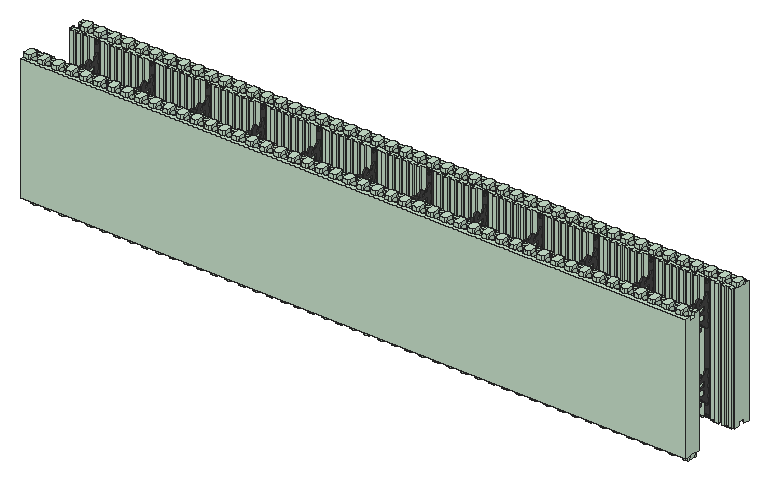
Revit family (continued)
Forms (in)
  Extrusion 100, void
    sketch origin (6, 0, 0) x (-1, 0, 0) y (0, -1, 0)
      loop
        arc (1.67323, 3.70172) -> (1.72385, 3.68771) -> (1.74592, 3.64005) r 0.0625
        line (1.74592, 3.64005) -> (1.74592, 3.41845) -> (1.91675, 3.41845) -> (1.91675, 3.76455)
        arc (1.91675, 3.76455) -> (1.92106, 3.78736) -> (1.9334, 3.80702) r 0.0625
        arc (1.9334, 3.80702) -> (1.98276, 3.88568) -> (2, 3.97692) r 0.25
        line (2, 3.97692) -> (2, 4.89808)
        arc (2, 4.89808) -> (1.95215, 5.04517) -> (1.82692, 5.13595) r 0.25
        arc (1.82692, 5.13595) -> (1.5, 5.1875) -> (1.17308, 5.13595) r 1.0625
        arc (1.17308, 5.13595) -> (1.04785, 5.04517) -> (1, 4.89808) r 0.25
    from 0 to 0.5
  Extrusion 101, void
    sketch origin (8, 0, 0) x (-1, 0, 0) y (0, -1, 0)
      loop
        line (1, 4.89808) -> (1, 3.97692)
        arc (1, 3.97692) -> (1.04785, 3.82983) -> (1.17308, 3.73905) r 0.25
        arc (1.17308, 3.73905) -> (1.42092, 3.69045) -> (1.67323, 3.70172) r 1.0625
        arc (1.67323, 3.70172) -> (1.72385, 3.68771) -> (1.74592, 3.64005) r 0.0625
        line (1.74592, 3.64005) -> (1.74592, 3.41845) -> (1.91675, 3.41845) -> (1.91675, 3.76455)
        arc (1.91675, 3.76455) -> (1.92106, 3.78736) -> (1.9334, 3.80702) r 0.0625
        arc (1.9334, 3.80702) -> (1.98276, 3.88568) -> (2, 3.97692) r 0.25
        line (2, 3.97692) -> (2, 4.89808)
        arc (2, 4.89808) -> (1.95215, 5.04517) -> (1.82692, 5.13595) r 0.25
        arc (1.82692, 5.13595) -> (1.5, 5.1875) -> (1.17308, 5.13595) r 1.0625
        arc (1.17308, 5.13595) -> (1.04785, 5.04517) -> (1, 4.89808) r 0.25
    from 0 to 0.5
  Extrusion 102, void
    sketch origin (10, 0, 0) x (-1, 0, 0) y (0, -1, 0)
      loop
        line (1, 4.89808) -> (1, 3.97692)
        arc (1, 3.97692) -> (1.04785, 3.82983) -> (1.17308, 3.73905) r 0.25
        arc (1.17308, 3.73905) -> (1.42092, 3.69045) -> (1.67323, 3.70172) r 1.0625
        arc (1.67323, 3.70172) -> (1.72385, 3.68771) -> (1.74592, 3.64005) r 0.0625
        line (1.74592, 3.64005) -> (1.74592, 3.41845) -> (1.91675, 3.41845) -> (1.91675, 3.76455)
        arc (1.91675, 3.76455) -> (1.92106, 3.78736) -> (1.9334, 3.80702) r 0.0625
        arc (1.9334, 3.80702) -> (1.98276, 3.88568) -> (2, 3.97692) r 0.25
        line (2, 3.97692) -> (2, 4.89808)
        arc (2, 4.89808) -> (1.95215, 5.04517) -> (1.82692, 5.13595) r 0.25
        arc (1.82692, 5.13595) -> (1.5, 5.1875) -> (1.17308, 5.13595) r 1.0625
        arc (1.17308, 5.13595) -> (1.04785, 5.04517) -> (1, 4.89808) r 0.25
    from 0 to 0.5
  Extrusion 103, void
    sketch origin (12, 0, 0) x (-1, 0, 0) y (0, -1, 0)
      loop
        line (1, 4.89808) -> (1, 3.97692)
        arc (1, 3.97692) -> (1.04785, 3.82983) -> (1.17308, 3.73905) r 0.25
        arc (1.17308, 3.73905) -> (1.42092, 3.69045) -> (1.67323, 3.70172) r 1.0625
        arc (1.67323, 3.70172) -> (1.72385, 3.68771) -> (1.74592, 3.64005) r 0.0625
        line (1.74592, 3.64005) -> (1.74592, 3.41845) -> (1.91675, 3.41845) -> (1.91675, 3.76455)
        arc (1.91675, 3.76455) -> (1.92106, 3.78736) -> (1.9334, 3.80702) r 0.0625
        arc (1.9334, 3.80702) -> (1.98276, 3.88568) -> (2, 3.97692) r 0.25
        line (2, 3.97692) -> (2, 4.89808)
        arc (2, 4.89808) -> (1.95215, 5.04517) -> (1.82692, 5.13595) r 0.25
        arc (1.82692, 5.13595) -> (1.5, 5.1875) -> (1.17308, 5.13595) r 1.0625
        arc (1.17308, 5.13595) -> (1.04785, 5.04517) -> (1, 4.89808) r 0.25
    from 0 to 0.5
  Extrusion 104, void
    sketch origin (14, 0, 0) x (-1, 0, 0) y (0, -1, 0)
      loop
        line (1, 4.89808) -> (1, 3.97692)
        arc (1, 3.97692) -> (1.04785, 3.82983) -> (1.17308, 3.73905) r 0.25
        arc (1.17308, 3.73905) -> (1.42092, 3.69045) -> (1.67323, 3.70172) r 1.0625
        arc (1.67323, 3.70172) -> (1.72385, 3.68771) -> (1.74592, 3.64005) r 0.0625
        line (1.74592, 3.64005) -> (1.74592, 3.41845) -> (1.91675, 3.41845) -> (1.91675, 3.76455)
        arc (1.91675, 3.76455) -> (1.92106, 3.78736) -> (1.9334, 3.80702) r 0.0625
        arc (1.9334, 3.80702) -> (1.98276, 3.88568) -> (2, 3.97692) r 0.25
        line (2, 3.97692) -> (2, 4.89808)
        arc (2, 4.89808) -> (1.95215, 5.04517) -> (1.82692, 5.13595) r 0.25
        arc (1.82692, 5.13595) -> (1.5, 5.1875) -> (1.17308, 5.13595) r 1.0625
        arc (1.17308, 5.13595) -> (1.04785, 5.04517) -> (1, 4.89808) r 0.25
    from 0 to 0.5
  Extrusion 105, void
    sketch origin (16, 0, 0) x (-1, 0, 0) y (0, -1, 0)
      loop
        line (1, 4.89808) -> (1, 3.97692)
        arc (1, 3.97692) -> (1.04785, 3.82983) -> (1.17308, 3.73905) r 0.25
        arc (1.17308, 3.73905) -> (1.42092, 3.69045) -> (1.67323, 3.70172) r 1.0625
        arc (1.67323, 3.70172) -> (1.72385, 3.68771) -> (1.74592, 3.64005) r 0.0625
        line (1.74592, 3.64005) -> (1.74592, 3.41845) -> (1.91675, 3.41845) -> (1.91675, 3.76455)
        arc (1.91675, 3.76455) -> (1.92106, 3.78736) -> (1.9334, 3.80702) r 0.0625
        arc (1.9334, 3.80702) -> (1.98276, 3.88568) -> (2, 3.97692) r 0.25
        line (2, 3.97692) -> (2, 4.89808)
        arc (2, 4.89808) -> (1.95215, 5.04517) -> (1.82692, 5.13595) r 0.25
        arc (1.82692, 5.13595) -> (1.5, 5.1875) -> (1.17308, 5.13595) r 1.0625
        arc (1.17308, 5.13595) -> (1.04785, 5.04517) -> (1, 4.89808) r 0.25
    from 0 to 0.5
  Extrusion 106, void
    sketch origin (18, 0, 0) x (-1, 0, 0) y (0, -1, 0)
      loop
        line (1, 4.89808) -> (1, 3.97692)
        arc (1, 3.97692) -> (1.04785, 3.82983) -> (1.17308, 3.73905) r 0.25
        arc (1.17308, 3.73905) -> (1.42092, 3.69045) -> (1.67323, 3.70172) r 1.0625
        arc (1.67323, 3.70172) -> (1.72385, 3.68771) -> (1.74592, 3.64005) r 0.0625
        line (1.74592, 3.64005) -> (1.74592, 3.41845) -> (1.91675, 3.41845) -> (1.91675, 3.76455)
        arc (1.91675, 3.76455) -> (1.92106, 3.78736) -> (1.9334, 3.80702) r 0.0625
        arc (1.9334, 3.80702) -> (1.98276, 3.88568) -> (2, 3.97692) r 0.25
        line (2, 3.97692) -> (2, 4.89808)
        arc (2, 4.89808) -> (1.95215, 5.04517) -> (1.82692, 5.13595) r 0.25
        arc (1.82692, 5.13595) -> (1.5, 5.1875) -> (1.17308, 5.13595) r 1.0625
        arc (1.17308, 5.13595) -> (1.04785, 5.04517) -> (1, 4.89808) r 0.25
    from 0 to 0.5
  Extrusion 107, void
    sketch origin (20, 0, 0) x (-1, 0, 0) y (0, -1, 0)
      loop
        line (1, 4.89808) -> (1, 3.97692)
        arc (1, 3.97692) -> (1.04785, 3.82983) -> (1.17308, 3.73905) r 0.25
        arc (1.17308, 3.73905) -> (1.42092, 3.69045) -> (1.67323, 3.70172) r 1.0625
        arc (1.67323, 3.70172) -> (1.72385, 3.68771) -> (1.74592, 3.64005) r 0.0625
        line (1.74592, 3.64005) -> (1.74592, 3.41845) -> (1.91675, 3.41845) -> (1.91675, 3.76455)
        arc (1.91675, 3.76455) -> (1.92106, 3.78736) -> (1.9334, 3.80702) r 0.0625
        arc (1.9334, 3.80702) -> (1.98276, 3.88568) -> (2, 3.97692) r 0.25
        line (2, 3.97692) -> (2, 4.89808)
        arc (2, 4.89808) -> (1.95215, 5.04517) -> (1.82692, 5.13595) r 0.25
        arc (1.82692, 5.13595) -> (1.5, 5.1875) -> (1.17308, 5.13595) r 1.0625
        arc (1.17308, 5.13595) -> (1.04785, 5.04517) -> (1, 4.89808) r 0.25
    from 0 to 0.5
  Extrusion 108, void
    sketch origin (22, 0, 0) x (-1, 0, 0) y (0, -1, 0)
      loop
        line (1, 4.89808) -> (1, 3.97692)
        arc (1, 3.97692) -> (1.04785, 3.82983) -> (1.17308, 3.73905) r 0.25
        arc (1.17308, 3.73905) -> (1.42092, 3.69045) -> (1.67323, 3.70172) r 1.0625
        arc (1.67323, 3.70172) -> (1.72385, 3.68771) -> (1.74592, 3.64005) r 0.0625
        line (1.74592, 3.64005) -> (1.74592, 3.41845) -> (1.91675, 3.41845) -> (1.91675, 3.76455)
        arc (1.91675, 3.76455) -> (1.92106, 3.78736) -> (1.9334, 3.80702) r 0.0625
        arc (1.9334, 3.80702) -> (1.98276, 3.88568) -> (2, 3.97692) r 0.25
        line (2, 3.97692) -> (2, 4.89808)
        arc (2, 4.89808) -> (1.95215, 5.04517) -> (1.82692, 5.13595) r 0.25
        arc (1.82692, 5.13595) -> (1.5, 5.1875) -> (1.17308, 5.13595) r 1.0625
        arc (1.17308, 5.13595) -> (1.04785, 5.04517) -> (1, 4.89808) r 0.25
    from 0 to 0.5
  Extrusion 109, void
    sketch origin (24, 0, 0) x (-1, 0, 0) y (0, -1, 0)
      loop
        line (1, 4.89808) -> (1, 3.97692)
        arc (1, 3.97692) -> (1.04785, 3.82983) -> (1.17308, 3.73905) r 0.25
        arc (1.17308, 3.73905) -> (1.42092, 3.69045) -> (1.67323, 3.70172) r 1.0625
        arc (1.67323, 3.70172) -> (1.72385, 3.68771) -> (1.74592, 3.64005) r 0.0625
        line (1.74592, 3.64005) -> (1.74592, 3.41845) -> (1.91675, 3.41845) -> (1.91675, 3.76455)
        arc (1.91675, 3.76455) -> (1.92106, 3.78736) -> (1.9334, 3.80702) r 0.0625
        arc (1.9334, 3.80702) -> (1.98276, 3.88568) -> (2, 3.97692) r 0.25
        line (2, 3.97692) -> (2, 4.89808)
        arc (2, 4.89808) -> (1.95215, 5.04517) -> (1.82692, 5.13595) r 0.25
        arc (1.82692, 5.13595) -> (1.5, 5.1875) -> (1.17308, 5.13595) r 1.0625
        arc (1.17308, 5.13595) -> (1.04785, 5.04517) -> (1, 4.89808) r 0.25
    from 0 to 0.5
  Extrusion 110, void
    sketch origin (26, 0, 0) x (-1, 0, 0) y (0, -1, 0)
      loop
        line (1, 4.89808) -> (1, 3.97692)
        arc (1, 3.97692) -> (1.04785, 3.82983) -> (1.17308, 3.73905) r 0.25
        arc (1.17308, 3.73905) -> (1.42092, 3.69045) -> (1.67323, 3.70172) r 1.0625
        arc (1.67323, 3.70172) -> (1.72385, 3.68771) -> (1.74592, 3.64005) r 0.0625
        line (1.74592, 3.64005) -> (1.74592, 3.41845) -> (1.91675, 3.41845) -> (1.91675, 3.76455)
        arc (1.91675, 3.76455) -> (1.92106, 3.78736) -> (1.9334, 3.80702) r 0.0625
        arc (1.9334, 3.80702) -> (1.98276, 3.88568) -> (2, 3.97692) r 0.25
        line (2, 3.97692) -> (2, 4.89808)
        arc (2, 4.89808) -> (1.95215, 5.04517) -> (1.82692, 5.13595) r 0.25
        arc (1.82692, 5.13595) -> (1.5, 5.1875) -> (1.17308, 5.13595) r 1.0625
        arc (1.17308, 5.13595) -> (1.04785, 5.04517) -> (1, 4.89808) r 0.25
    from 0 to 0.5
  Extrusion 111, void
    sketch origin (28, 0, 0) x (-1, 0, 0) y (0, -1, 0)
      loop
        line (1, 4.89808) -> (1, 3.97692)
        arc (1, 3.97692) -> (1.04785, 3.82983) -> (1.17308, 3.73905) r 0.25
        arc (1.17308, 3.73905) -> (1.42092, 3.69045) -> (1.67323, 3.70172) r 1.0625
        arc (1.67323, 3.70172) -> (1.72385, 3.68771) -> (1.74592, 3.64005) r 0.0625
        line (1.74592, 3.64005) -> (1.74592, 3.41845) -> (1.91675, 3.41845) -> (1.91675, 3.76455)
        arc (1.91675, 3.76455) -> (1.92106, 3.78736) -> (1.9334, 3.80702) r 0.0625
        arc (1.9334, 3.80702) -> (1.98276, 3.88568) -> (2, 3.97692) r 0.25
        line (2, 3.97692) -> (2, 4.89808)
        arc (2, 4.89808) -> (1.95215, 5.04517) -> (1.82692, 5.13595) r 0.25
        arc (1.82692, 5.13595) -> (1.5, 5.1875) -> (1.17308, 5.13595) r 1.0625
        arc (1.17308, 5.13595) -> (1.04785, 5.04517) -> (1, 4.89808) r 0.25
    from 0 to 0.5
  Extrusion 112, void
    sketch origin (30, 0, 0) x (-1, 0, 0) y (0, -1, 0)
      loop
        line (1, 4.89808) -> (1, 3.97692)
        arc (1, 3.97692) -> (1.04785, 3.82983) -> (1.17308, 3.73905) r 0.25
        arc (1.17308, 3.73905) -> (1.42092, 3.69045) -> (1.67323, 3.70172) r 1.0625
        arc (1.67323, 3.70172) -> (1.72385, 3.68771) -> (1.74592, 3.64005) r 0.0625
        line (1.74592, 3.64005) -> (1.74592, 3.41845) -> (1.91675, 3.41845) -> (1.91675, 3.76455)
        arc (1.91675, 3.76455) -> (1.92106, 3.78736) -> (1.9334, 3.80702) r 0.0625
        arc (1.9334, 3.80702) -> (1.98276, 3.88568) -> (2, 3.97692) r 0.25
        line (2, 3.97692) -> (2, 4.89808)
        arc (2, 4.89808) -> (1.95215, 5.04517) -> (1.82692, 5.13595) r 0.25
        arc (1.82692, 5.13595) -> (1.5, 5.1875) -> (1.17308, 5.13595) r 1.0625
        arc (1.17308, 5.13595) -> (1.04785, 5.04517) -> (1, 4.89808) r 0.25
    from 0 to 0.5
  Extrusion 113, void
    sketch origin (32, 0, 0) x (-1, 0, 0) y (0, -1, 0)
      loop
        line (1, 4.89808) -> (1, 3.97692)
        arc (1, 3.97692) -> (1.04785, 3.82983) -> (1.17308, 3.73905) r 0.25
        arc (1.17308, 3.73905) -> (1.42092, 3.69045) -> (1.67323, 3.70172) r 1.0625
        arc (1.67323, 3.70172) -> (1.72385, 3.68771) -> (1.74592, 3.64005) r 0.0625
        line (1.74592, 3.64005) -> (1.74592, 3.41845) -> (1.91675, 3.41845) -> (1.91675, 3.76455)
        arc (1.91675, 3.76455) -> (1.92106, 3.78736) -> (1.9334, 3.80702) r 0.0625
        arc (1.9334, 3.80702) -> (1.98276, 3.88568) -> (2, 3.97692) r 0.25
        line (2, 3.97692) -> (2, 4.89808)
        arc (2, 4.89808) -> (1.95215, 5.04517) -> (1.82692, 5.13595) r 0.25
        arc (1.82692, 5.13595) -> (1.5, 5.1875) -> (1.17308, 5.13595) r 1.0625
        arc (1.17308, 5.13595) -> (1.04785, 5.04517) -> (1, 4.89808) r 0.25
    from 0 to 0.5
  Extrusion 114, void
    sketch origin (34, 0, 0) x (-1, 0, 0) y (0, -1, 0)
      loop
        line (1, 4.89808) -> (1, 3.97692)
        arc (1, 3.97692) -> (1.04785, 3.82983) -> (1.17308, 3.73905) r 0.25
        arc (1.17308, 3.73905) -> (1.42092, 3.69045) -> (1.67323, 3.70172) r 1.0625
        arc (1.67323, 3.70172) -> (1.72385, 3.68771) -> (1.74592, 3.64005) r 0.0625
        line (1.74592, 3.64005) -> (1.74592, 3.41845) -> (1.91675, 3.41845) -> (1.91675, 3.76455)
        arc (1.91675, 3.76455) -> (1.92106, 3.78736) -> (1.9334, 3.80702) r 0.0625
        arc (1.9334, 3.80702) -> (1.98276, 3.88568) -> (2, 3.97692) r 0.25
        line (2, 3.97692) -> (2, 4.89808)
        arc (2, 4.89808) -> (1.95215, 5.04517) -> (1.82692, 5.13595) r 0.25
        arc (1.82692, 5.13595) -> (1.5, 5.1875) -> (1.17308, 5.13595) r 1.0625
        arc (1.17308, 5.13595) -> (1.04785, 5.04517) -> (1, 4.89808) r 0.25
    from 0 to 0.5
  Extrusion 115, void
    sketch origin (36, 0, 0) x (-1, 0, 0) y (0, -1, 0)
      loop
        line (1, 4.89808) -> (1, 3.97692)
        arc (1, 3.97692) -> (1.04785, 3.82983) -> (1.17308, 3.73905) r 0.25
        arc (1.17308, 3.73905) -> (1.42092, 3.69045) -> (1.67323, 3.70172) r 1.0625
        arc (1.67323, 3.70172) -> (1.72385, 3.68771) -> (1.74592, 3.64005) r 0.0625
        line (1.74592, 3.64005) -> (1.74592, 3.41845) -> (1.91675, 3.41845) -> (1.91675, 3.76455)
        arc (1.91675, 3.76455) -> (1.92106, 3.78736) -> (1.9334, 3.80702) r 0.0625
        arc (1.9334, 3.80702) -> (1.98276, 3.88568) -> (2, 3.97692) r 0.25
        line (2, 3.97692) -> (2, 4.89808)
        arc (2, 4.89808) -> (1.95215, 5.04517) -> (1.82692, 5.13595) r 0.25
        arc (1.82692, 5.13595) -> (1.5, 5.1875) -> (1.17308, 5.13595) r 1.0625
        arc (1.17308, 5.13595) -> (1.04785, 5.04517) -> (1, 4.89808) r 0.25
    from 0 to 0.5
  Extrusion 116, void
    sketch origin (38, 0, 0) x (-1, 0, 0) y (0, -1, 0)
      loop
        line (1, 4.89808) -> (1, 3.97692)
        arc (1, 3.97692) -> (1.04785, 3.82983) -> (1.17308, 3.73905) r 0.25
        arc (1.17308, 3.73905) -> (1.42092, 3.69045) -> (1.67323, 3.70172) r 1.0625
        arc (1.67323, 3.70172) -> (1.72385, 3.68771) -> (1.74592, 3.64005) r 0.0625
        line (1.74592, 3.64005) -> (1.74592, 3.41845) -> (1.91675, 3.41845) -> (1.91675, 3.76455)
        arc (1.91675, 3.76455) -> (1.92106, 3.78736) -> (1.9334, 3.80702) r 0.0625
        arc (1.9334, 3.80702) -> (1.98276, 3.88568) -> (2, 3.97692) r 0.25
        line (2, 3.97692) -> (2, 4.89808)
        arc (2, 4.89808) -> (1.95215, 5.04517) -> (1.82692, 5.13595) r 0.25
        arc (1.82692, 5.13595) -> (1.5, 5.1875) -> (1.17308, 5.13595) r 1.0625
        arc (1.17308, 5.13595) -> (1.04785, 5.04517) -> (1, 4.89808) r 0.25
    from 0 to 0.5
  Extrusion 117, void
    sketch origin (40, 0, 0) x (-1, 0, 0) y (0, -1, 0)
      loop
        line (1, 4.89808) -> (1, 3.97692)
        arc (1, 3.97692) -> (1.04785, 3.82983) -> (1.17308, 3.73905) r 0.25
        arc (1.17308, 3.73905) -> (1.42092, 3.69045) -> (1.67323, 3.70172) r 1.0625
        arc (1.67323, 3.70172) -> (1.72385, 3.68771) -> (1.74592, 3.64005) r 0.0625
        line (1.74592, 3.64005) -> (1.74592, 3.41845) -> (1.91675, 3.41845) -> (1.91675, 3.76455)
        arc (1.91675, 3.76455) -> (1.92106, 3.78736) -> (1.9334, 3.80702) r 0.0625
        arc (1.9334, 3.80702) -> (1.98276, 3.88568) -> (2, 3.97692) r 0.25
        line (2, 3.97692) -> (2, 4.89808)
        arc (2, 4.89808) -> (1.95215, 5.04517) -> (1.82692, 5.13595) r 0.25
        arc (1.82692, 5.13595) -> (1.5, 5.1875) -> (1.17308, 5.13595) r 1.0625
        arc (1.17308, 5.13595) -> (1.04785, 5.04517) -> (1, 4.89808) r 0.25
    from 0 to 0.5
  Extrusion 118, void
    sketch origin (42, 0, 0) x (-1, 0, 0) y (0, -1, 0)
      loop
        line (1, 4.89808) -> (1, 3.97692)
        arc (1, 3.97692) -> (1.04785, 3.82983) -> (1.17308, 3.73905) r 0.25
        arc (1.17308, 3.73905) -> (1.42092, 3.69045) -> (1.67323, 3.70172) r 1.0625
        arc (1.67323, 3.70172) -> (1.72385, 3.68771) -> (1.74592, 3.64005) r 0.0625
        line (1.74592, 3.64005) -> (1.74592, 3.41845) -> (1.91675, 3.41845) -> (1.91675, 3.76455)
        arc (1.91675, 3.76455) -> (1.92106, 3.78736) -> (1.9334, 3.80702) r 0.0625
        arc (1.9334, 3.80702) -> (1.98276, 3.88568) -> (2, 3.97692) r 0.25
        line (2, 3.97692) -> (2, 4.89808)
        arc (2, 4.89808) -> (1.95215, 5.04517) -> (1.82692, 5.13595) r 0.25
        arc (1.82692, 5.13595) -> (1.5, 5.1875) -> (1.17308, 5.13595) r 1.0625
        arc (1.17308, 5.13595) -> (1.04785, 5.04517) -> (1, 4.89808) r 0.25
    from 0 to 0.5
  Extrusion 119, void
    sketch origin (44, 0, 0) x (-1, 0, 0) y (0, -1, 0)
      loop
        line (1, 4.89808) -> (1, 3.97692)
        arc (1, 3.97692) -> (1.04785, 3.82983) -> (1.17308, 3.73905) r 0.25
        arc (1.17308, 3.73905) -> (1.42092, 3.69045) -> (1.67323, 3.70172) r 1.0625
        arc (1.67323, 3.70172) -> (1.72385, 3.68771) -> (1.74592, 3.64005) r 0.0625
        line (1.74592, 3.64005) -> (1.74592, 3.41845) -> (1.91675, 3.41845) -> (1.91675, 3.76455)
        arc (1.91675, 3.76455) -> (1.92106, 3.78736) -> (1.9334, 3.80702) r 0.0625
        arc (1.9334, 3.80702) -> (1.98276, 3.88568) -> (2, 3.97692) r 0.25
        line (2, 3.97692) -> (2, 4.89808)
        arc (2, 4.89808) -> (1.95215, 5.04517) -> (1.82692, 5.13595) r 0.25
        arc (1.82692, 5.13595) -> (1.5, 5.1875) -> (1.17308, 5.13595) r 1.0625
        arc (1.17308, 5.13595) -> (1.04785, 5.04517) -> (1, 4.89808) r 0.25
    from 0 to 0.5
  Extrusion 120, void
    sketch origin (46, 0, 0) x (-1, 0, 0) y (0, -1, 0)
      loop
        line (1, 4.89808) -> (1, 3.97692)
        arc (1, 3.97692) -> (1.04785, 3.82983) -> (1.17308, 3.73905) r 0.25
        arc (1.17308, 3.73905) -> (1.42092, 3.69045) -> (1.67323, 3.70172) r 1.0625
        arc (1.67323, 3.70172) -> (1.72385, 3.68771) -> (1.74592, 3.64005) r 0.0625
        line (1.74592, 3.64005) -> (1.74592, 3.41845) -> (1.91675, 3.41845) -> (1.91675, 3.76455)
        arc (1.91675, 3.76455) -> (1.92106, 3.78736) -> (1.9334, 3.80702) r 0.0625
        arc (1.9334, 3.80702) -> (1.98276, 3.88568) -> (2, 3.97692) r 0.25
        line (2, 3.97692) -> (2, 4.89808)
        arc (2, 4.89808) -> (1.95215, 5.04517) -> (1.82692, 5.13595) r 0.25
        arc (1.82692, 5.13595) -> (1.5, 5.1875) -> (1.17308, 5.13595) r 1.0625
        arc (1.17308, 5.13595) -> (1.04785, 5.04517) -> (1, 4.89808) r 0.25
    from 0 to 0.5
  Extrusion 121, void
    sketch origin (48, 0, 0) x (-1, 0, 0) y (0, -1, 0)
      loop
        line (1, 4.89808) -> (1, 3.97692)
        arc (1, 3.97692) -> (1.04785, 3.82983) -> (1.17308, 3.73905) r 0.25
        arc (1.17308, 3.73905) -> (1.42092, 3.69045) -> (1.67323, 3.70172) r 1.0625
        arc (1.67323, 3.70172) -> (1.72385, 3.68771) -> (1.74592, 3.64005) r 0.0625
        line (1.74592, 3.64005) -> (1.74592, 3.41845) -> (1.91675, 3.41845) -> (1.91675, 3.76455)
        arc (1.91675, 3.76455) -> (1.92106, 3.78736) -> (1.9334, 3.80702) r 0.0625
        arc (1.9334, 3.80702) -> (1.98276, 3.88568) -> (2, 3.97692) r 0.25
        line (2, 3.97692) -> (2, 4.89808)
        arc (2, 4.89808) -> (1.95215, 5.04517) -> (1.82692, 5.13595) r 0.25
        arc (1.82692, 5.13595) -> (1.5, 5.1875) -> (1.17308, 5.13595) r 1.0625
        arc (1.17308, 5.13595) -> (1.04785, 5.04517) -> (1, 4.89808) r 0.25
    from 0 to 0.5
  Extrusion 122, void
    sketch origin (50, 0, 0) x (-1, 0, 0) y (0, -1, 0)
      loop
        line (1, 4.89808) -> (1, 3.97692)
        arc (1, 3.97692) -> (1.04785, 3.82983) -> (1.17308, 3.73905) r 0.25
        arc (1.17308, 3.73905) -> (1.42092, 3.69045) -> (1.67323, 3.70172) r 1.0625
        arc (1.67323, 3.70172) -> (1.72385, 3.68771) -> (1.74592, 3.64005) r 0.0625
        line (1.74592, 3.64005) -> (1.74592, 3.41845) -> (1.91675, 3.41845) -> (1.91675, 3.76455)
        arc (1.91675, 3.76455) -> (1.92106, 3.78736) -> (1.9334, 3.80702) r 0.0625
        arc (1.9334, 3.80702) -> (1.98276, 3.88568) -> (2, 3.97692) r 0.25
        line (2, 3.97692) -> (2, 4.89808)
        arc (2, 4.89808) -> (1.95215, 5.04517) -> (1.82692, 5.13595) r 0.25
        arc (1.82692, 5.13595) -> (1.5, 5.1875) -> (1.17308, 5.13595) r 1.0625
        arc (1.17308, 5.13595) -> (1.04785, 5.04517) -> (1, 4.89808) r 0.25
    from 0 to 0.5
  Extrusion 123, void
    sketch origin (52, 0, 0) x (-1, 0, 0) y (0, -1, 0)
      loop
        line (1, 4.89808) -> (1, 3.97692)
        arc (1, 3.97692) -> (1.04785, 3.82983) -> (1.17308, 3.73905) r 0.25
        arc (1.17308, 3.73905) -> (1.42092, 3.69045) -> (1.67323, 3.70172) r 1.0625
        arc (1.67323, 3.70172) -> (1.72385, 3.68771) -> (1.74592, 3.64005) r 0.0625
        line (1.74592, 3.64005) -> (1.74592, 3.41845) -> (1.91675, 3.41845) -> (1.91675, 3.76455)
        arc (1.91675, 3.76455) -> (1.92106, 3.78736) -> (1.9334, 3.80702) r 0.0625
        arc (1.9334, 3.80702) -> (1.98276, 3.88568) -> (2, 3.97692) r 0.25
        line (2, 3.97692) -> (2, 4.89808)
        arc (2, 4.89808) -> (1.95215, 5.04517) -> (1.82692, 5.13595) r 0.25
        arc (1.82692, 5.13595) -> (1.5, 5.1875) -> (1.17308, 5.13595) r 1.0625
        arc (1.17308, 5.13595) -> (1.04785, 5.04517) -> (1, 4.89808) r 0.25
    from 0 to 0.5
  Extrusion 124, void
    sketch origin (54, 0, 0) x (-1, 0, 0) y (0, -1, 0)
      loop
        line (1, 4.89808) -> (1, 3.97692)
        arc (1, 3.97692) -> (1.04785, 3.82983) -> (1.17308, 3.73905) r 0.25
        arc (1.17308, 3.73905) -> (1.42092, 3.69045) -> (1.67323, 3.70172) r 1.0625
        arc (1.67323, 3.70172) -> (1.72385, 3.68771) -> (1.74592, 3.64005) r 0.0625
        line (1.74592, 3.64005) -> (1.74592, 3.41845) -> (1.91675, 3.41845) -> (1.91675, 3.76455)
        arc (1.91675, 3.76455) -> (1.92106, 3.78736) -> (1.9334, 3.80702) r 0.0625
        arc (1.9334, 3.80702) -> (1.98276, 3.88568) -> (2, 3.97692) r 0.25
        line (2, 3.97692) -> (2, 4.89808)
        arc (2, 4.89808) -> (1.95215, 5.04517) -> (1.82692, 5.13595) r 0.25
        arc (1.82692, 5.13595) -> (1.5, 5.1875) -> (1.17308, 5.13595) r 1.0625
        arc (1.17308, 5.13595) -> (1.04785, 5.04517) -> (1, 4.89808) r 0.25
    from 0 to 0.5
  Extrusion 125, void
    sketch origin (56, 0, 0) x (-1, 0, 0) y (0, -1, 0)
      loop
        line (1, 4.89808) -> (1, 3.97692)
        arc (1, 3.97692) -> (1.04785, 3.82983) -> (1.17308, 3.73905) r 0.25
        arc (1.17308, 3.73905) -> (1.42092, 3.69045) -> (1.67323, 3.70172) r 1.0625
        arc (1.67323, 3.70172) -> (1.72385, 3.68771) -> (1.74592, 3.64005) r 0.0625
        line (1.74592, 3.64005) -> (1.74592, 3.41845) -> (1.91675, 3.41845) -> (1.91675, 3.76455)
        arc (1.91675, 3.76455) -> (1.92106, 3.78736) -> (1.9334, 3.80702) r 0.0625
        arc (1.9334, 3.80702) -> (1.98276, 3.88568) -> (2, 3.97692) r 0.25
        line (2, 3.97692) -> (2, 4.89808)
        arc (2, 4.89808) -> (1.95215, 5.04517) -> (1.82692, 5.13595) r 0.25
        arc (1.82692, 5.13595) -> (1.5, 5.1875) -> (1.17308, 5.13595) r 1.0625
        arc (1.17308, 5.13595) -> (1.04785, 5.04517) -> (1, 4.89808) r 0.25
    from 0 to 0.5
  Extrusion 126, void
    sketch origin (58, 0, 0) x (-1, 0, 0) y (0, -1, 0)
      loop
        line (1, 4.89808) -> (1, 3.97692)
        arc (1, 3.97692) -> (1.04785, 3.82983) -> (1.17308, 3.73905) r 0.25
        arc (1.17308, 3.73905) -> (1.42092, 3.69045) -> (1.67323, 3.70172) r 1.0625
        arc (1.67323, 3.70172) -> (1.72385, 3.68771) -> (1.74592, 3.64005) r 0.0625
        line (1.74592, 3.64005) -> (1.74592, 3.41845) -> (1.91675, 3.41845) -> (1.91675, 3.76455)
        arc (1.91675, 3.76455) -> (1.92106, 3.78736) -> (1.9334, 3.80702) r 0.0625
        arc (1.9334, 3.80702) -> (1.98276, 3.88568) -> (2, 3.97692) r 0.25
        line (2, 3.97692) -> (2, 4.89808)
        arc (2, 4.89808) -> (1.95215, 5.04517) -> (1.82692, 5.13595) r 0.25
        arc (1.82692, 5.13595) -> (1.5, 5.1875) -> (1.17308, 5.13595) r 1.0625
        arc (1.17308, 5.13595) -> (1.04785, 5.04517) -> (1, 4.89808) r 0.25
    from 0 to 0.5
  Extrusion 127, void
    sketch origin (60, 0, 0) x (-1, 0, 0) y (0, -1, 0)
      loop
        line (1, 4.89808) -> (1, 3.97692)
        arc (1, 3.97692) -> (1.04785, 3.82983) -> (1.17308, 3.73905) r 0.25
        arc (1.17308, 3.73905) -> (1.42092, 3.69045) -> (1.67323, 3.70172) r 1.0625
        arc (1.67323, 3.70172) -> (1.72385, 3.68771) -> (1.74592, 3.64005) r 0.0625
        line (1.74592, 3.64005) -> (1.74592, 3.41845) -> (1.91675, 3.41845) -> (1.91675, 3.76455)
        arc (1.91675, 3.76455) -> (1.92106, 3.78736) -> (1.9334, 3.80702) r 0.0625
        arc (1.9334, 3.80702) -> (1.98276, 3.88568) -> (2, 3.97692) r 0.25
        line (2, 3.97692) -> (2, 4.89808)
        arc (2, 4.89808) -> (1.95215, 5.04517) -> (1.82692, 5.13595) r 0.25
        arc (1.82692, 5.13595) -> (1.5, 5.1875) -> (1.17308, 5.13595) r 1.0625
        arc (1.17308, 5.13595) -> (1.04785, 5.04517) -> (1, 4.89808) r 0.25
    from 0 to 0.5
  Extrusion 128, void
    sketch origin (62, 0, 0) x (-1, 0, 0) y (0, -1, 0)
      loop
        line (1, 4.89808) -> (1, 3.97692)
        arc (1, 3.97692) -> (1.04785, 3.82983) -> (1.17308, 3.73905) r 0.25
        arc (1.17308, 3.73905) -> (1.42092, 3.69045) -> (1.67323, 3.70172) r 1.0625
        arc (1.67323, 3.70172) -> (1.72385, 3.68771) -> (1.74592, 3.64005) r 0.0625
        line (1.74592, 3.64005) -> (1.74592, 3.41845) -> (1.91675, 3.41845) -> (1.91675, 3.76455)
        arc (1.91675, 3.76455) -> (1.92106, 3.78736) -> (1.9334, 3.80702) r 0.0625
        arc (1.9334, 3.80702) -> (1.98276, 3.88568) -> (2, 3.97692) r 0.25
        line (2, 3.97692) -> (2, 4.89808)
        arc (2, 4.89808) -> (1.95215, 5.04517) -> (1.82692, 5.13595) r 0.25
        arc (1.82692, 5.13595) -> (1.5, 5.1875) -> (1.17308, 5.13595) r 1.0625
        arc (1.17308, 5.13595) -> (1.04785, 5.04517) -> (1, 4.89808) r 0.25
    from 0 to 0.5
  Extrusion 129, void
    sketch origin (64, 0, 0) x (-1, 0, 0) y (0, -1, 0)
      loop
        line (1, 4.89808) -> (1, 3.97692)
        arc (1, 3.97692) -> (1.04785, 3.82983) -> (1.17308, 3.73905) r 0.25
        arc (1.17308, 3.73905) -> (1.42092, 3.69045) -> (1.67323, 3.70172) r 1.0625
        arc (1.67323, 3.70172) -> (1.72385, 3.68771) -> (1.74592, 3.64005) r 0.0625
        line (1.74592, 3.64005) -> (1.74592, 3.41845) -> (1.91675, 3.41845) -> (1.91675, 3.76455)
        arc (1.91675, 3.76455) -> (1.92106, 3.78736) -> (1.9334, 3.80702) r 0.0625
        arc (1.9334, 3.80702) -> (1.98276, 3.88568) -> (2, 3.97692) r 0.25
        line (2, 3.97692) -> (2, 4.89808)
        arc (2, 4.89808) -> (1.95215, 5.04517) -> (1.82692, 5.13595) r 0.25
        arc (1.82692, 5.13595) -> (1.5, 5.1875) -> (1.17308, 5.13595) r 1.0625
        arc (1.17308, 5.13595) -> (1.04785, 5.04517) -> (1, 4.89808) r 0.25
    from 0 to 0.5
  Extrusion 130, void
    sketch origin (66, 0, 0) x (-1, 0, 0) y (0, -1, 0)
      loop
        line (1, 4.89808) -> (1, 3.97692)
        arc (1, 3.97692) -> (1.04785, 3.82983) -> (1.17308, 3.73905) r 0.25
        arc (1.17308, 3.73905) -> (1.42092, 3.69045) -> (1.67323, 3.70172) r 1.0625
        arc (1.67323, 3.70172) -> (1.72385, 3.68771) -> (1.74592, 3.64005) r 0.0625
        line (1.74592, 3.64005) -> (1.74592, 3.41845) -> (1.91675, 3.41845) -> (1.91675, 3.76455)
        arc (1.91675, 3.76455) -> (1.92106, 3.78736) -> (1.9334, 3.80702) r 0.0625
        arc (1.9334, 3.80702) -> (1.98276, 3.88568) -> (2, 3.97692) r 0.25
        line (2, 3.97692) -> (2, 4.89808)
        arc (2, 4.89808) -> (1.95215, 5.04517) -> (1.82692, 5.13595) r 0.25
        arc (1.82692, 5.13595) -> (1.5, 5.1875) -> (1.17308, 5.13595) r 1.0625
        arc (1.17308, 5.13595) -> (1.04785, 5.04517) -> (1, 4.89808) r 0.25
    from 0 to 0.5
  Extrusion 131, void
    sketch origin (68, 0, 0) x (-1, 0, 0) y (0, -1, 0)
      loop
        line (1, 4.89808) -> (1, 3.97692)
        arc (1, 3.97692) -> (1.04785, 3.82983) -> (1.17308, 3.73905) r 0.25
        arc (1.17308, 3.73905) -> (1.42092, 3.69045) -> (1.67323, 3.70172) r 1.0625
        arc (1.67323, 3.70172) -> (1.72385, 3.68771) -> (1.74592, 3.64005) r 0.0625
        line (1.74592, 3.64005) -> (1.74592, 3.41845) -> (1.91675, 3.41845) -> (1.91675, 3.76455)
        arc (1.91675, 3.76455) -> (1.92106, 3.78736) -> (1.9334, 3.80702) r 0.0625
        arc (1.9334, 3.80702) -> (1.98276, 3.88568) -> (2, 3.97692) r 0.25
        line (2, 3.97692) -> (2, 4.89808)
        arc (2, 4.89808) -> (1.95215, 5.04517) -> (1.82692, 5.13595) r 0.25
        arc (1.82692, 5.13595) -> (1.5, 5.1875) -> (1.17308, 5.13595) r 1.0625
        arc (1.17308, 5.13595) -> (1.04785, 5.04517) -> (1, 4.89808) r 0.25
    from 0 to 0.5
  Extrusion 132, void
    sketch origin (70, 0, 0) x (-1, 0, 0) y (0, -1, 0)
      loop
        line (1, 4.89808) -> (1, 3.97692)
        arc (1, 3.97692) -> (1.04785, 3.82983) -> (1.17308, 3.73905) r 0.25
        arc (1.17308, 3.73905) -> (1.42092, 3.69045) -> (1.67323, 3.70172) r 1.0625
        arc (1.67323, 3.70172) -> (1.72385, 3.68771) -> (1.74592, 3.64005) r 0.0625
        line (1.74592, 3.64005) -> (1.74592, 3.41845) -> (1.91675, 3.41845) -> (1.91675, 3.76455)
        arc (1.91675, 3.76455) -> (1.92106, 3.78736) -> (1.9334, 3.80702) r 0.0625
        arc (1.9334, 3.80702) -> (1.98276, 3.88568) -> (2, 3.97692) r 0.25
        line (2, 3.97692) -> (2, 4.89808)
        arc (2, 4.89808) -> (1.95215, 5.04517) -> (1.82692, 5.13595) r 0.25
        arc (1.82692, 5.13595) -> (1.5, 5.1875) -> (1.17308, 5.13595) r 1.0625
        arc (1.17308, 5.13595) -> (1.04785, 5.04517) -> (1, 4.89808) r 0.25
    from 0 to 0.5
  Extrusion 133, void
    sketch origin (72, 0, 0) x (-1, 0, 0) y (0, -1, 0)
      loop
        line (1, 4.89808) -> (1, 3.97692)
        arc (1, 3.97692) -> (1.04785, 3.82983) -> (1.17308, 3.73905) r 0.25
        arc (1.17308, 3.73905) -> (1.42092, 3.69045) -> (1.67323, 3.70172) r 1.0625
        arc (1.67323, 3.70172) -> (1.72385, 3.68771) -> (1.74592, 3.64005) r 0.0625
        line (1.74592, 3.64005) -> (1.74592, 3.41845) -> (1.91675, 3.41845) -> (1.91675, 3.76455)
        arc (1.91675, 3.76455) -> (1.92106, 3.78736) -> (1.9334, 3.80702) r 0.0625
        arc (1.9334, 3.80702) -> (1.98276, 3.88568) -> (2, 3.97692) r 0.25
        line (2, 3.97692) -> (2, 4.89808)
        arc (2, 4.89808) -> (1.95215, 5.04517) -> (1.82692, 5.13595) r 0.25
        arc (1.82692, 5.13595) -> (1.5, 5.1875) -> (1.17308, 5.13595) r 1.0625
        arc (1.17308, 5.13595) -> (1.04785, 5.04517) -> (1, 4.89808) r 0.25
    from 0 to 0.5
  Extrusion 134, void
    sketch origin (74, 0, 0) x (-1, 0, 0) y (0, -1, 0)
      loop
        line (1, 4.89808) -> (1, 3.97692)
        arc (1, 3.97692) -> (1.04785, 3.82983) -> (1.17308, 3.73905) r 0.25
        arc (1.17308, 3.73905) -> (1.42092, 3.69045) -> (1.67323, 3.70172) r 1.0625
        arc (1.67323, 3.70172) -> (1.72385, 3.68771) -> (1.74592, 3.64005) r 0.0625
        line (1.74592, 3.64005) -> (1.74592, 3.41845) -> (1.91675, 3.41845) -> (1.91675, 3.76455)
        arc (1.91675, 3.76455) -> (1.92106, 3.78736) -> (1.9334, 3.80702) r 0.0625
        arc (1.9334, 3.80702) -> (1.98276, 3.88568) -> (2, 3.97692) r 0.25
        line (2, 3.97692) -> (2, 4.89808)
        arc (2, 4.89808) -> (1.95215, 5.04517) -> (1.82692, 5.13595) r 0.25
        arc (1.82692, 5.13595) -> (1.5, 5.1875) -> (1.17308, 5.13595) r 1.0625
        arc (1.17308, 5.13595) -> (1.04785, 5.04517) -> (1, 4.89808) r 0.25
    from 0 to 0.5
  Extrusion 135, void
    sketch origin (76, 0, 0) x (-1, 0, 0) y (0, -1, 0)
      loop
        line (1, 4.89808) -> (1, 3.97692)
        arc (1, 3.97692) -> (1.04785, 3.82983) -> (1.17308, 3.73905) r 0.25
        arc (1.17308, 3.73905) -> (1.42092, 3.69045) -> (1.67323, 3.70172) r 1.0625
        arc (1.67323, 3.70172) -> (1.72385, 3.68771) -> (1.74592, 3.64005) r 0.0625
        line (1.74592, 3.64005) -> (1.74592, 3.41845) -> (1.91675, 3.41845) -> (1.91675, 3.76455)
        arc (1.91675, 3.76455) -> (1.92106, 3.78736) -> (1.9334, 3.80702) r 0.0625
        arc (1.9334, 3.80702) -> (1.98276, 3.88568) -> (2, 3.97692) r 0.25
        line (2, 3.97692) -> (2, 4.89808)
        arc (2, 4.89808) -> (1.95215, 5.04517) -> (1.82692, 5.13595) r 0.25
        arc (1.82692, 5.13595) -> (1.5, 5.1875) -> (1.17308, 5.13595) r 1.0625
        arc (1.17308, 5.13595) -> (1.04785, 5.04517) -> (1, 4.89808) r 0.25
    from 0 to 0.5
  Extrusion 136, void
    sketch origin (78, 0, 0) x (-1, 0, 0) y (0, -1, 0)
      loop
        line (1, 4.89808) -> (1, 3.97692)
        arc (1, 3.97692) -> (1.04785, 3.82983) -> (1.17308, 3.73905) r 0.25
        arc (1.17308, 3.73905) -> (1.42092, 3.69045) -> (1.67323, 3.70172) r 1.0625
        arc (1.67323, 3.70172) -> (1.72385, 3.68771) -> (1.74592, 3.64005) r 0.0625
        line (1.74592, 3.64005) -> (1.74592, 3.41845) -> (1.91675, 3.41845) -> (1.91675, 3.76455)
        arc (1.91675, 3.76455) -> (1.92106, 3.78736) -> (1.9334, 3.80702) r 0.0625
        arc (1.9334, 3.80702) -> (1.98276, 3.88568) -> (2, 3.97692) r 0.25
        line (2, 3.97692) -> (2, 4.89808)
        arc (2, 4.89808) -> (1.95215, 5.04517) -> (1.82692, 5.13595) r 0.25
        arc (1.82692, 5.13595) -> (1.5, 5.1875) -> (1.17308, 5.13595) r 1.0625
        arc (1.17308, 5.13595) -> (1.04785, 5.04517) -> (1, 4.89808) r 0.25
    from 0 to 0.5
  Extrusion 137, void
    sketch origin (80, 0, 0) x (-1, 0, 0) y (0, -1, 0)
      loop
        line (1, 4.89808) -> (1, 3.97692)
        arc (1, 3.97692) -> (1.04785, 3.82983) -> (1.17308, 3.73905) r 0.25
        arc (1.17308, 3.73905) -> (1.42092, 3.69045) -> (1.67323, 3.70172) r 1.0625
        arc (1.67323, 3.70172) -> (1.72385, 3.68771) -> (1.74592, 3.64005) r 0.0625
        line (1.74592, 3.64005) -> (1.74592, 3.41845) -> (1.91675, 3.41845) -> (1.91675, 3.76455)
        arc (1.91675, 3.76455) -> (1.92106, 3.78736) -> (1.9334, 3.80702) r 0.0625
        arc (1.9334, 3.80702) -> (1.98276, 3.88568) -> (2, 3.97692) r 0.25
        line (2, 3.97692) -> (2, 4.89808)
        arc (2, 4.89808) -> (1.95215, 5.04517) -> (1.82692, 5.13595) r 0.25
        arc (1.82692, 5.13595) -> (1.5, 5.1875) -> (1.17308, 5.13595) r 1.0625
        arc (1.17308, 5.13595) -> (1.04785, 5.04517) -> (1, 4.89808) r 0.25
    from 0 to 0.5
  Extrusion 138, void
    sketch origin (82, 0, 0) x (-1, 0, 0) y (0, -1, 0)
      loop
        line (1, 4.89808) -> (1, 3.97692)
        arc (1, 3.97692) -> (1.04785, 3.82983) -> (1.17308, 3.73905) r 0.25
        arc (1.17308, 3.73905) -> (1.42092, 3.69045) -> (1.67323, 3.70172) r 1.0625
        arc (1.67323, 3.70172) -> (1.72385, 3.68771) -> (1.74592, 3.64005) r 0.0625
        line (1.74592, 3.64005) -> (1.74592, 3.41845) -> (1.91675, 3.41845) -> (1.91675, 3.76455)
        arc (1.91675, 3.76455) -> (1.92106, 3.78736) -> (1.9334, 3.80702) r 0.0625
        arc (1.9334, 3.80702) -> (1.98276, 3.88568) -> (2, 3.97692) r 0.25
        line (2, 3.97692) -> (2, 4.89808)
        arc (2, 4.89808) -> (1.95215, 5.04517) -> (1.82692, 5.13595) r 0.25
        arc (1.82692, 5.13595) -> (1.5, 5.1875) -> (1.17308, 5.13595) r 1.0625
        arc (1.17308, 5.13595) -> (1.04785, 5.04517) -> (1, 4.89808) r 0.25
    from 0 to 0.5
  Extrusion 139, void
    sketch origin (84, 0, 0) x (-1, 0, 0) y (0, -1, 0)
      loop
        line (1, 4.89808) -> (1, 3.97692)
        arc (1, 3.97692) -> (1.04785, 3.82983) -> (1.17308, 3.73905) r 0.25
        arc (1.17308, 3.73905) -> (1.42092, 3.69045) -> (1.67323, 3.70172) r 1.0625
        arc (1.67323, 3.70172) -> (1.72385, 3.68771) -> (1.74592, 3.64005) r 0.0625
        line (1.74592, 3.64005) -> (1.74592, 3.41845) -> (1.91675, 3.41845) -> (1.91675, 3.76455)
        arc (1.91675, 3.76455) -> (1.92106, 3.78736) -> (1.9334, 3.80702) r 0.0625
        arc (1.9334, 3.80702) -> (1.98276, 3.88568) -> (2, 3.97692) r 0.25
        line (2, 3.97692) -> (2, 4.89808)
        arc (2, 4.89808) -> (1.95215, 5.04517) -> (1.82692, 5.13595) r 0.25
        arc (1.82692, 5.13595) -> (1.5, 5.1875) -> (1.17308, 5.13595) r 1.0625
        arc (1.17308, 5.13595) -> (1.04785, 5.04517) -> (1, 4.89808) r 0.25
    from 0 to 0.5
  Extrusion 140, void
    sketch origin (86, 0, 0) x (-1, 0, 0) y (0, -1, 0)
      loop
        line (1, 4.89808) -> (1, 3.97692)
        arc (1, 3.97692) -> (1.04785, 3.82983) -> (1.17308, 3.73905) r 0.25
        arc (1.17308, 3.73905) -> (1.42092, 3.69045) -> (1.67323, 3.70172) r 1.0625
        arc (1.67323, 3.70172) -> (1.72385, 3.68771) -> (1.74592, 3.64005) r 0.0625
        line (1.74592, 3.64005) -> (1.74592, 3.41845) -> (1.91675, 3.41845) -> (1.91675, 3.76455)
        arc (1.91675, 3.76455) -> (1.92106, 3.78736) -> (1.9334, 3.80702) r 0.0625
        arc (1.9334, 3.80702) -> (1.98276, 3.88568) -> (2, 3.97692) r 0.25
        line (2, 3.97692) -> (2, 4.89808)
        arc (2, 4.89808) -> (1.95215, 5.04517) -> (1.82692, 5.13595) r 0.25
        arc (1.82692, 5.13595) -> (1.5, 5.1875) -> (1.17308, 5.13595) r 1.0625
        arc (1.17308, 5.13595) -> (1.04785, 5.04517) -> (1, 4.89808) r 0.25
    from 0 to 0.5
  Extrusion 141, void
    sketch origin (88, 0, 0) x (-1, 0, 0) y (0, -1, 0)
      loop
        line (1, 4.89808) -> (1, 3.97692)
        arc (1, 3.97692) -> (1.04785, 3.82983) -> (1.17308, 3.73905) r 0.25
        arc (1.17308, 3.73905) -> (1.42092, 3.69045) -> (1.67323, 3.70172) r 1.0625
        arc (1.67323, 3.70172) -> (1.72385, 3.68771) -> (1.74592, 3.64005) r 0.0625
        line (1.74592, 3.64005) -> (1.74592, 3.41845) -> (1.91675, 3.41845) -> (1.91675, 3.76455)
        arc (1.91675, 3.76455) -> (1.92106, 3.78736) -> (1.9334, 3.80702) r 0.0625
        arc (1.9334, 3.80702) -> (1.98276, 3.88568) -> (2, 3.97692) r 0.25
        line (2, 3.97692) -> (2, 4.89808)
        arc (2, 4.89808) -> (1.95215, 5.04517) -> (1.82692, 5.13595) r 0.25
        arc (1.82692, 5.13595) -> (1.5, 5.1875) -> (1.17308, 5.13595) r 1.0625
        arc (1.17308, 5.13595) -> (1.04785, 5.04517) -> (1, 4.89808) r 0.25
    from 0 to 0.5
  Extrusion 142, void
    sketch origin (90, 0, 0) x (-1, 0, 0) y (0, -1, 0)
      loop
        line (1, 4.89808) -> (1, 3.97692)
        arc (1, 3.97692) -> (1.04785, 3.82983) -> (1.17308, 3.73905) r 0.25
        arc (1.17308, 3.73905) -> (1.42092, 3.69045) -> (1.67323, 3.70172) r 1.0625
        arc (1.67323, 3.70172) -> (1.72385, 3.68771) -> (1.74592, 3.64005) r 0.0625
        line (1.74592, 3.64005) -> (1.74592, 3.41845) -> (1.91675, 3.41845) -> (1.91675, 3.76455)
        arc (1.91675, 3.76455) -> (1.92106, 3.78736) -> (1.9334, 3.80702) r 0.0625
        arc (1.9334, 3.80702) -> (1.98276, 3.88568) -> (2, 3.97692) r 0.25
        line (2, 3.97692) -> (2, 4.89808)
        arc (2, 4.89808) -> (1.95215, 5.04517) -> (1.82692, 5.13595) r 0.25
        arc (1.82692, 5.13595) -> (1.5, 5.1875) -> (1.17308, 5.13595) r 1.0625
        arc (1.17308, 5.13595) -> (1.04785, 5.04517) -> (1, 4.89808) r 0.25
    from 0 to 0.5
  Extrusion 143, void
    sketch origin (92, 0, 0) x (-1, 0, 0) y (0, -1, 0)
      loop
        line (1, 4.89808) -> (1, 3.97692)
        arc (1, 3.97692) -> (1.04785, 3.82983) -> (1.17308, 3.73905) r 0.25
        arc (1.17308, 3.73905) -> (1.42092, 3.69045) -> (1.67323, 3.70172) r 1.0625
        arc (1.67323, 3.70172) -> (1.72385, 3.68771) -> (1.74592, 3.64005) r 0.0625
        line (1.74592, 3.64005) -> (1.74592, 3.41845) -> (1.91675, 3.41845) -> (1.91675, 3.76455)
        arc (1.91675, 3.76455) -> (1.92106, 3.78736) -> (1.9334, 3.80702) r 0.0625
        arc (1.9334, 3.80702) -> (1.98276, 3.88568) -> (2, 3.97692) r 0.25
        line (2, 3.97692) -> (2, 4.89808)
        arc (2, 4.89808) -> (1.95215, 5.04517) -> (1.82692, 5.13595) r 0.25
        arc (1.82692, 5.13595) -> (1.5, 5.1875) -> (1.17308, 5.13595) r 1.0625
        arc (1.17308, 5.13595) -> (1.04785, 5.04517) -> (1, 4.89808) r 0.25
    from 0 to 0.5
  Extrusion 144, void
    sketch origin (94, 0, 0) x (-1, 0, 0) y (0, -1, 0)
      loop
        line (1, 4.89808) -> (1, 3.97692)
        arc (1, 3.97692) -> (1.04785, 3.82983) -> (1.17308, 3.73905) r 0.25
        arc (1.17308, 3.73905) -> (1.42092, 3.69045) -> (1.67323, 3.70172) r 1.0625
        arc (1.67323, 3.70172) -> (1.72385, 3.68771) -> (1.74592, 3.64005) r 0.0625
        line (1.74592, 3.64005) -> (1.74592, 3.41845) -> (1.91675, 3.41845) -> (1.91675, 3.76455)
        arc (1.91675, 3.76455) -> (1.92106, 3.78736) -> (1.9334, 3.80702) r 0.0625
        arc (1.9334, 3.80702) -> (1.98276, 3.88568) -> (2, 3.97692) r 0.25
        line (2, 3.97692) -> (2, 4.89808)
        arc (2, 4.89808) -> (1.95215, 5.04517) -> (1.82692, 5.13595) r 0.25
        arc (1.82692, 5.13595) -> (1.5, 5.1875) -> (1.17308, 5.13595) r 1.0625
        arc (1.17308, 5.13595) -> (1.04785, 5.04517) -> (1, 4.89808) r 0.25
    from 0 to 0.5
  Extrusion 145, void
    sketch origin (96, 0, 0) x (-1, 0, 0) y (0, -1, 0)
      loop
        line (1, 4.89808) -> (1, 3.97692)
        arc (1, 3.97692) -> (1.04785, 3.82983) -> (1.17308, 3.73905) r 0.25
        arc (1.17308, 3.73905) -> (1.42092, 3.69045) -> (1.67323, 3.70172) r 1.0625
        arc (1.67323, 3.70172) -> (1.72385, 3.68771) -> (1.74592, 3.64005) r 0.0625
        line (1.74592, 3.64005) -> (1.74592, 3.41845) -> (1.91675, 3.41845) -> (1.91675, 3.76455)
        arc (1.91675, 3.76455) -> (1.92106, 3.78736) -> (1.9334, 3.80702) r 0.0625
        arc (1.9334, 3.80702) -> (1.98276, 3.88568) -> (2, 3.97692) r 0.25
        line (2, 3.97692) -> (2, 4.89808)
        arc (2, 4.89808) -> (1.95215, 5.04517) -> (1.82692, 5.13595) r 0.25
        arc (1.82692, 5.13595) -> (1.5, 5.1875) -> (1.17308, 5.13595) r 1.0625
        arc (1.17308, 5.13595) -> (1.04785, 5.04517) -> (1, 4.89808) r 0.25
    from 0 to 0.5
  Extrusion 146, void
    sketch origin (94, 0, 0) x (1, 0, 0) y (0, 1, 0)
      loop
        line (1, 4.89808) -> (1, 3.97692)
        arc (1, 3.97692) -> (1.04785, 3.82983) -> (1.17308, 3.73905) r 0.25
        arc (1.17308, 3.73905) -> (1.42092, 3.69045) -> (1.67323, 3.70172) r 1.0625
        arc (1.67323, 3.70172) -> (1.72385, 3.68771) -> (1.74592, 3.64005) r 0.0625
        line (1.74592, 3.64005) -> (1.74592, 3.41845) -> (1.91675, 3.41845) -> (1.91675, 3.76455)
        arc (1.91675, 3.76455) -> (1.92106, 3.78736) -> (1.9334, 3.80702) r 0.0625
        arc (1.9334, 3.80702) -> (1.98276, 3.88568) -> (2, 3.97692) r 0.25
        line (2, 3.97692) -> (2, 4.89808)
        arc (2, 4.89808) -> (1.95215, 5.04517) -> (1.82692, 5.13595) r 0.25
        arc (1.82692, 5.13595) -> (1.5, 5.1875) -> (1.17308, 5.13595) r 1.0625
        arc (1.17308, 5.13595) -> (1.04785, 5.04517) -> (1, 4.89808) r 0.25
    from 0 to 0.5
  Extrusion 147, void
    sketch origin (92, 0, 0) x (1, 0, 0) y (0, 1, 0)
      loop
        line (1, 4.89808) -> (1, 3.97692)
        arc (1, 3.97692) -> (1.04785, 3.82983) -> (1.17308, 3.73905) r 0.25
        arc (1.17308, 3.73905) -> (1.42092, 3.69045) -> (1.67323, 3.70172) r 1.0625
        arc (1.67323, 3.70172) -> (1.72385, 3.68771) -> (1.74592, 3.64005) r 0.0625
        line (1.74592, 3.64005) -> (1.74592, 3.41845) -> (1.91675, 3.41845) -> (1.91675, 3.76455)
        arc (1.91675, 3.76455) -> (1.92106, 3.78736) -> (1.9334, 3.80702) r 0.0625
        arc (1.9334, 3.80702) -> (1.98276, 3.88568) -> (2, 3.97692) r 0.25
        line (2, 3.97692) -> (2, 4.89808)
        arc (2, 4.89808) -> (1.95215, 5.04517) -> (1.82692, 5.13595) r 0.25
        arc (1.82692, 5.13595) -> (1.5, 5.1875) -> (1.17308, 5.13595) r 1.0625
        arc (1.17308, 5.13595) -> (1.04785, 5.04517) -> (1, 4.89808) r 0.25
    from 0 to 0.5
  Extrusion 148, void
    sketch origin (90, 0, 0) x (1, 0, 0) y (0, 1, 0)
      loop
        line (1, 4.89808) -> (1, 3.97692)
        arc (1, 3.97692) -> (1.04785, 3.82983) -> (1.17308, 3.73905) r 0.25
        arc (1.17308, 3.73905) -> (1.42092, 3.69045) -> (1.67323, 3.70172) r 1.0625
        arc (1.67323, 3.70172) -> (1.72385, 3.68771) -> (1.74592, 3.64005) r 0.0625
        line (1.74592, 3.64005) -> (1.74592, 3.41845) -> (1.91675, 3.41845) -> (1.91675, 3.76455)
        arc (1.91675, 3.76455) -> (1.92106, 3.78736) -> (1.9334, 3.80702) r 0.0625
        arc (1.9334, 3.80702) -> (1.98276, 3.88568) -> (2, 3.97692) r 0.25
        line (2, 3.97692) -> (2, 4.89808)
        arc (2, 4.89808) -> (1.95215, 5.04517) -> (1.82692, 5.13595) r 0.25
        arc (1.82692, 5.13595) -> (1.5, 5.1875) -> (1.17308, 5.13595) r 1.0625
        arc (1.17308, 5.13595) -> (1.04785, 5.04517) -> (1, 4.89808) r 0.25
    from 0 to 0.5
  Extrusion 149, void
    sketch origin (88, 0, 0) x (1, 0, 0) y (0, 1, 0)
      loop
        line (1, 4.89808) -> (1, 3.97692)
        arc (1, 3.97692) -> (1.04785, 3.82983) -> (1.17308, 3.73905) r 0.25
        arc (1.17308, 3.73905) -> (1.42092, 3.69045) -> (1.67323, 3.70172) r 1.0625
        arc (1.67323, 3.70172) -> (1.72385, 3.68771) -> (1.74592, 3.64005) r 0.0625
        line (1.74592, 3.64005) -> (1.74592, 3.41845) -> (1.91675, 3.41845) -> (1.91675, 3.76455)
        arc (1.91675, 3.76455) -> (1.92106, 3.78736) -> (1.9334, 3.80702) r 0.0625
        arc (1.9334, 3.80702) -> (1.98276, 3.88568) -> (2, 3.97692) r 0.25
        line (2, 3.97692) -> (2, 4.89808)
        arc (2, 4.89808) -> (1.95215, 5.04517) -> (1.82692, 5.13595) r 0.25
        arc (1.82692, 5.13595) -> (1.5, 5.1875) -> (1.17308, 5.13595) r 1.0625
        arc (1.17308, 5.13595) -> (1.04785, 5.04517) -> (1, 4.89808) r 0.25
    from 0 to 0.5
  Extrusion 150, void
    sketch origin (86, 0, 0) x (1, 0, 0) y (0, 1, 0)
      loop
        line (1, 4.89808) -> (1, 3.97692)
        arc (1, 3.97692) -> (1.04785, 3.82983) -> (1.17308, 3.73905) r 0.25
        arc (1.17308, 3.73905) -> (1.42092, 3.69045) -> (1.67323, 3.70172) r 1.0625
        arc (1.67323, 3.70172) -> (1.72385, 3.68771) -> (1.74592, 3.64005) r 0.0625
        line (1.74592, 3.64005) -> (1.74592, 3.41845) -> (1.91675, 3.41845) -> (1.91675, 3.76455)
        arc (1.91675, 3.76455) -> (1.92106, 3.78736) -> (1.9334, 3.80702) r 0.0625
        arc (1.9334, 3.80702) -> (1.98276, 3.88568) -> (2, 3.97692) r 0.25
        line (2, 3.97692) -> (2, 4.89808)
        arc (2, 4.89808) -> (1.95215, 5.04517) -> (1.82692, 5.13595) r 0.25
        arc (1.82692, 5.13595) -> (1.5, 5.1875) -> (1.17308, 5.13595) r 1.0625
        arc (1.17308, 5.13595) -> (1.04785, 5.04517) -> (1, 4.89808) r 0.25
    from 0 to 0.5
  Extrusion 151, void
    sketch origin (84, 0, 0) x (1, 0, 0) y (0, 1, 0)
      loop
        line (1, 4.89808) -> (1, 3.97692)
        arc (1, 3.97692) -> (1.04785, 3.82983) -> (1.17308, 3.73905) r 0.25
        arc (1.17308, 3.73905) -> (1.42092, 3.69045) -> (1.67323, 3.70172) r 1.0625
        arc (1.67323, 3.70172) -> (1.72385, 3.68771) -> (1.74592, 3.64005) r 0.0625
        line (1.74592, 3.64005) -> (1.74592, 3.41845) -> (1.91675, 3.41845) -> (1.91675, 3.76455)
        arc (1.91675, 3.76455) -> (1.92106, 3.78736) -> (1.9334, 3.80702) r 0.0625
        arc (1.9334, 3.80702) -> (1.98276, 3.88568) -> (2, 3.97692) r 0.25
        line (2, 3.97692) -> (2, 4.89808)
        arc (2, 4.89808) -> (1.95215, 5.04517) -> (1.82692, 5.13595) r 0.25
        arc (1.82692, 5.13595) -> (1.5, 5.1875) -> (1.17308, 5.13595) r 1.0625
        arc (1.17308, 5.13595) -> (1.04785, 5.04517) -> (1, 4.89808) r 0.25
    from 0 to 0.5
  Extrusion 152, void
    sketch origin (82, 0, 0) x (1, 0, 0) y (0, 1, 0)
      loop
        line (1, 4.89808) -> (1, 3.97692)
        arc (1, 3.97692) -> (1.04785, 3.82983) -> (1.17308, 3.73905) r 0.25
        arc (1.17308, 3.73905) -> (1.42092, 3.69045) -> (1.67323, 3.70172) r 1.0625
        arc (1.67323, 3.70172) -> (1.72385, 3.68771) -> (1.74592, 3.64005) r 0.0625
        line (1.74592, 3.64005) -> (1.74592, 3.41845) -> (1.91675, 3.41845) -> (1.91675, 3.76455)
        arc (1.91675, 3.76455) -> (1.92106, 3.78736) -> (1.9334, 3.80702) r 0.0625
        arc (1.9334, 3.80702) -> (1.98276, 3.88568) -> (2, 3.97692) r 0.25
        line (2, 3.97692) -> (2, 4.89808)
        arc (2, 4.89808) -> (1.95215, 5.04517) -> (1.82692, 5.13595) r 0.25
        arc (1.82692, 5.13595) -> (1.5, 5.1875) -> (1.17308, 5.13595) r 1.0625
        arc (1.17308, 5.13595) -> (1.04785, 5.04517) -> (1, 4.89808) r 0.25
    from 0 to 0.5
  Extrusion 153, void
    sketch origin (80, 0, 0) x (1, 0, 0) y (0, 1, 0)
      loop
        line (1, 4.89808) -> (1, 3.97692)
        arc (1, 3.97692) -> (1.04785, 3.82983) -> (1.17308, 3.73905) r 0.25
        arc (1.17308, 3.73905) -> (1.42092, 3.69045) -> (1.67323, 3.70172) r 1.0625
        arc (1.67323, 3.70172) -> (1.72385, 3.68771) -> (1.74592, 3.64005) r 0.0625
        line (1.74592, 3.64005) -> (1.74592, 3.41845) -> (1.91675, 3.41845) -> (1.91675, 3.76455)
        arc (1.91675, 3.76455) -> (1.92106, 3.78736) -> (1.9334, 3.80702) r 0.0625
        arc (1.9334, 3.80702) -> (1.98276, 3.88568) -> (2, 3.97692) r 0.25
        line (2, 3.97692) -> (2, 4.89808)
        arc (2, 4.89808) -> (1.95215, 5.04517) -> (1.82692, 5.13595) r 0.25
        arc (1.82692, 5.13595) -> (1.5, 5.1875) -> (1.17308, 5.13595) r 1.0625
        arc (1.17308, 5.13595) -> (1.04785, 5.04517) -> (1, 4.89808) r 0.25
    from 0 to 0.5
  Extrusion 154, void
    sketch origin (78, 0, 0) x (1, 0, 0) y (0, 1, 0)
      loop
        line (1, 4.89808) -> (1, 3.97692)
        arc (1, 3.97692) -> (1.04785, 3.82983) -> (1.17308, 3.73905) r 0.25
        arc (1.17308, 3.73905) -> (1.42092, 3.69045) -> (1.67323, 3.70172) r 1.0625
        arc (1.67323, 3.70172) -> (1.72385, 3.68771) -> (1.74592, 3.64005) r 0.0625
        line (1.74592, 3.64005) -> (1.74592, 3.41845) -> (1.91675, 3.41845) -> (1.91675, 3.76455)
        arc (1.91675, 3.76455) -> (1.92106, 3.78736) -> (1.9334, 3.80702) r 0.0625
        arc (1.9334, 3.80702) -> (1.98276, 3.88568) -> (2, 3.97692) r 0.25
        line (2, 3.97692) -> (2, 4.89808)
        arc (2, 4.89808) -> (1.95215, 5.04517) -> (1.82692, 5.13595) r 0.25
        arc (1.82692, 5.13595) -> (1.5, 5.1875) -> (1.17308, 5.13595) r 1.0625
        arc (1.17308, 5.13595) -> (1.04785, 5.04517) -> (1, 4.89808) r 0.25
    from 0 to 0.5
  Extrusion 155, void
    sketch origin (76, 0, 0) x (1, 0, 0) y (0, 1, 0)
      loop
        line (1, 4.89808) -> (1, 3.97692)
        arc (1, 3.97692) -> (1.04785, 3.82983) -> (1.17308, 3.73905) r 0.25
        arc (1.17308, 3.73905) -> (1.42092, 3.69045) -> (1.67323, 3.70172) r 1.0625
        arc (1.67323, 3.70172) -> (1.72385, 3.68771) -> (1.74592, 3.64005) r 0.0625
        line (1.74592, 3.64005) -> (1.74592, 3.41845) -> (1.91675, 3.41845) -> (1.91675, 3.76455)
        arc (1.91675, 3.76455) -> (1.92106, 3.78736) -> (1.9334, 3.80702) r 0.0625
        arc (1.9334, 3.80702) -> (1.98276, 3.88568) -> (2, 3.97692) r 0.25
        line (2, 3.97692) -> (2, 4.89808)
        arc (2, 4.89808) -> (1.95215, 5.04517) -> (1.82692, 5.13595) r 0.25
        arc (1.82692, 5.13595) -> (1.5, 5.1875) -> (1.17308, 5.13595) r 1.0625
        arc (1.17308, 5.13595) -> (1.04785, 5.04517) -> (1, 4.89808) r 0.25
    from 0 to 0.5
